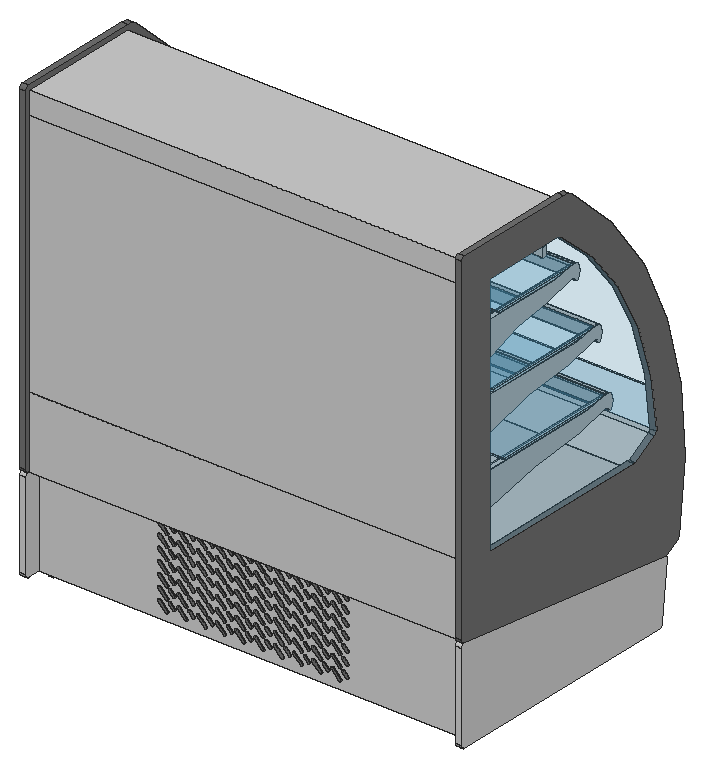
Revit family "QF_INFRICO_VBR12SS_250814022446", category Specialty Equipment, Revit 2021
Family settings
  Round Connector Dimension = Use Diameter
  Part Type = Normal
  OmniClass Number = 23.40.40.14
  OmniClass Title = Food Service Equipment
  Work Plane-Based = No
  Always vertical = Yes
  Cut with Voids When Loaded = No
  Shared = No
  Room Calculation Point = No
Parameters (values of type "VBR12SS")
  Weight [instance] = 0.00 kg
  Warranty Start Date [instance] = ""
  Warranty Duration [instance] = ""
  Volts [instance] = 230 V
  Volt Free Conn [instance] = no
  URL Recommended Spares List [instance] = ""
  URL Manufacturer [instance] = ""
  URL Cutsheet [instance] = ""
  URL Critical Spares List [instance] = ""
  URL = "www.infrico.com"
  Technical Documentation [instance] = ""
  Tag Number [instance] = ""
  Status [instance] = ""
  Start Up Current [instance] = 0 A
  Specification by User [instance] = ""
  Specification by Manufacturer [instance] = ""
  Sound Level [instance] = ""
  Show Logo [instance] = yes
  Show Clearances [instance] = yes
  Service Life Duration [instance] = ""
  Serial Number [instance] = ""
  Seismic Rating [instance] = ""
  SMACNA No [instance] = ""
  Revision Code [instance] = ""
  Revision [instance] = ""
  Production Year [instance] = ""
  Potential Equalisation [instance] = no
  Point Load [instance] = 0
  Phase [instance] = 1
  Other Equipment Approvals [instance] = ""
  Operational Current [instance] = 0 A
  Number of Poles [instance] = 2
  No Load Power Draw [instance] = no
  NAFEM Spec ID Number [instance] = ""
  Model Warning [instance] = ""
  Model = "VBR12SS"
  Min Ckt Ampacity [instance] = 0 A
  Max Overcurrent Protection [instance] = 0 A
  Masterspec [instance] = ""
  Manufacturer = "INFRICO"
  Main switch integrated [instance] = no
  Length Actual [instance] = 1249.934 mm
  Item Number [instance] = ""
  Installed By [instance] = ""
  Installation Date [instance] = ""
  Identify Quantity as Lot [instance] = no
  ID [instance] = ""
  Hygiene Approval [instance] = ""
  Height Actual [instance] = 1299.972 mm
  HP power [instance] = ""
  Furnished By [instance] = ""
  Foodservice Equipment Identifier [instance] = no
  FL Amps [instance] = 0 A
  Electrical Remarks [instance] = ""
  Electric power [instance] = 1060 W
  Electric Connection Type [instance] = ""
  Elec Conn RI Height [instance] = 0 mm
  Elec Conn Connection Height [instance] = 0 mm
  ETL Approved [instance] = no
  Description = "AMBAR SERIES - SELF SERVICE PASTRY DISPLAY CASE - R452"
  Depth Actual [instance] = 810.006 mm
  Default Elevation = 0 mm
  Cycle [instance] = 50 Hz
  Cost = 0
  Connection to energy optimisation system [instance] = yes
  Conn Plug [instance] = ""
  Conn Conduit [instance] = no
  Centralized building control system with digital interface [instance] = ""
  CSI MasterFormat [instance] = ""
  CE Approved [instance] = no
  Barcode [instance] = 0
  Author [instance] = ""
  Asset Identifier [instance] = ""
  Apparent Power [instance] = 1060 VA
  Accessory [instance] = no
Reference planes
  plane 1 "Center (Front/Back)": y = 0
  plane 2: z = 0
  plane 3 "Center (Left/Right)": x = 0
Forms (mm)
  Extrusion 1, solid, not visible
    sketch origin (0, 0, 2) x (1, 0, 0) y (0, 1, 0)
      loop
        line (-2, 2) -> (-2, -2) -> (2, -2) -> (2, 2) -> (-2, 2)
    from -2 to 2
Dimensions and locks
  locked: nested 2 to Extrusion 1 at 2  (x2)
  aligned and locked: level to plane 2
Nested families
  nested 1: "QF_INFRICO_VBR12SS_2920" at (0, 0, 0), type "VBR12SS"
    with Weight 0.00 kg, Warranty Start Date "", Warranty Duration "", URL Cutsheet "", Technical Documentation "", Tag Number "", Status "", Specification by User "", Specification by Manufacturer "", Sound Level "", Solid Fuel Type "", Show Logo yes, Show Clearances yes, Show Clearance yes, Service Life Duration "", Serial Number "", Seismic Rating "", SMACNA No "", Revision Code "", Revision "", Production Year "", Point Load 0, Other Equipment Approvals "", NAFEM Spec ID Number "", Model Warning "", Masterspec "", Length Actual 1249.934 mm, Item Number "", Installed By "", Installation Date "", Identify Quantity as Lot yes, ID "", Hygiene Approval "", Height Actual 1299.972 mm, Furnished By "", Foodservice Equipment Identifier yes, Finish none, ETL Approved yes, Depth Actual 810.006 mm, CSI MasterFormat "", CE Approved no, Barcode "", Author "", Asset Identifier "", Accessory no
  nested 2: "CONN_POINT_ELE_2D___Generic_Annotation" at (0, 0, 0), type "CONN_POINT_ELE_2D___Generic_Annotation"
    with Onboard connection annotation symbol visibility yes
Connectors
  electrical at (0, 0, 0), driven by "Apparent Power", driven by "Number of Poles", driven by "Volts"
    settings: on Extrusion 1, index 1, voltage 230 V, apparent load 0 VA, apparent load phase1 1060 VA, apparent load phase2 0 VA, apparent load phase3 0 VA, power factor 1, load classification "Other", number of poles 2, system type 31, power factor state 1, is connector primary yes, connector utility no, sub classification motor no, connector description "Electrical connection for VBR12SS"
Definition of nested family "QF_INFRICO_VBR12SS_2920"
  Parameters (values of type "VBR12SS")
    Weight [instance] = 0.00 kg
    Warranty Start Date [instance] = ""
    Warranty Duration [instance] = ""
    URL Cutsheet [instance] = ""
    URL = "www.infrico.com"
    Technical Documentation [instance] = ""
    Tag Number [instance] = ""
    Status [instance] = ""
    Specification by User [instance] = ""
    Specification by Manufacturer [instance] = ""
    Sound Level [instance] = ""
    Solid Fuel Type [instance] = ""
    Show Logo [instance] = yes
    Show Clearances [instance] = yes
    Show Clearance [instance] = yes
    Service Life Duration [instance] = ""
    Serial Number [instance] = ""
    Seismic Rating [instance] = ""
    SMACNA No [instance] = ""
    Revision Code [instance] = ""
    Revision [instance] = ""
    Production Year [instance] = ""
    Point Load [instance] = 0
    Other Equipment Approvals [instance] = ""
    NAFEM Spec ID Number [instance] = ""
    Model Warning [instance] = ""
    Model = "VBR12SS"
    Masterspec [instance] = ""
    Manufacturer = "INFRICO"
    Length Actual [instance] = 0 mm
    Item Number [instance] = ""
    Installed By [instance] = ""
    Installation Date [instance] = ""
    Identify Quantity as Lot [instance] = yes
    ID [instance] = ""
    Hygiene Approval [instance] = ""
    Height Actual [instance] = 0 mm
    Furnished By [instance] = ""
    Foodservice Equipment Identifier [instance] = yes
    Finish [instance] = none
    ETL Approved [instance] = yes
    Description = "AMBAR SERIES - SELF SERVICE PASTRY DISPLAY CASE - R452"
    Depth Actual [instance] = 0 mm
    Default Elevation = 0 mm
    CSI MasterFormat [instance] = ""
    CE Approved [instance] = yes
    Barcode [instance] = ""
    Author [instance] = ""
    Asset Identifier [instance] = ""
    Assembly Code = "E1090320"
    Accessory [instance] = yes
  Reference planes
    plane 1 "Back": y = 0
    plane 2: z = 0
    plane 3 "Left": x = 0
    plane 4 "Right": x = 1250
    plane 5 "Front": y = -810
    plane 6 "Top": z = 1300
  Forms (mm)
    Extrusion 1, solid
      sketch origin (-18, -810.003, 0) x (0, -1, 0) y (0, 0, -1)
        loop
          line (-100, -1190) -> (-100, -498)
          arc (-100, -498) -> (-102.929, -490.929) -> (-110, -488) r 10
          line (-110, -488) -> (-627, -488)
          arc (-627, -488) -> (-629.55, -488.252) -> (-632, -489) r 13
          line (-632, -489) -> (-702, -529)
          arc (-702, -529) -> (-705.756, -532.802) -> (-707, -538) r 9.937
          arc (-707, -538) -> (-606.573, -907.925) -> (-356, -1198) r 864.001
          arc (-356, -1198) -> (-353.158, -1199.473) -> (-350, -1200) r 10.273
          line (-350, -1200) -> (-110, -1200)
          arc (-110, -1200) -> (-102.929, -1197.071) -> (-100, -1190) r 10
      from 0 to 18
    Extrusion 2, solid
      sketch origin (-18, -810.003, 0) x (0, -1, 0) y (0, 0, -1)
        loop
          arc (-110, -1200) -> (-102.929, -1197.071) -> (-100, -1190) r 10
          line (-100, -1190) -> (-100, -498)
          arc (-100, -498) -> (-102.929, -490.929) -> (-110, -488) r 10
          line (-110, -488) -> (-627, -488)
          arc (-627, -488) -> (-629.55, -488.252) -> (-632, -489) r 13
          line (-632, -489) -> (-702, -529)
          arc (-702, -529) -> (-705.756, -532.802) -> (-707, -538) r 9.937
          arc (-707, -538) -> (-606.573, -907.925) -> (-356, -1198) r 864.001
          arc (-356, -1198) -> (-353.158, -1199.473) -> (-350, -1200) r 10.273
          line (-350, -1200) -> (-110, -1200)
        loop
          arc (-739, -197) -> (-742.074, -197.055) -> (-745, -198) r 10.476
          line (-745, -198) -> (-782, -219)
          arc (-782, -219) -> (-785.127, -222.608) -> (-787, -227) r 15.422
          arc (-787, -227) -> (-745, -815.202) -> (-398, -1292) r 1070.947
          arc (-398, -1292) -> (-385.08, -1297.958) -> (-371, -1300) r 49.563
          line (-371, -1300) -> (-10, -1300)
          arc (-10, -1300) -> (-2.929, -1297.071) -> (0, -1290) r 10
          line (0, -1290) -> (0, -302)
          arc (0, -302) -> (-2.651, -295.335) -> (-9, -292) r 10.337
          line (-9, -292) -> (-739, -197)
      from 0 to 18
    Extrusion 3, solid
      sketch origin (1250, -810.003, 0) x (0, -1, 0) y (0, 0, -1)
        loop
          line (-100, -1190) -> (-100, -498)
          arc (-100, -498) -> (-102.929, -490.929) -> (-110, -488) r 10
          line (-110, -488) -> (-627, -488)
          arc (-627, -488) -> (-629.55, -488.252) -> (-632, -489) r 13
          line (-632, -489) -> (-702, -529)
          arc (-702, -529) -> (-705.756, -532.802) -> (-707, -538) r 9.937
          arc (-707, -538) -> (-606.573, -907.925) -> (-356, -1198) r 864.001
          arc (-356, -1198) -> (-353.158, -1199.473) -> (-350, -1200) r 10.273
          line (-350, -1200) -> (-110, -1200)
          arc (-110, -1200) -> (-102.929, -1197.071) -> (-100, -1190) r 10
      from 0 to 18
    Extrusion 4, solid
      sketch origin (1250, -810.003, 0) x (0, -1, 0) y (0, 0, -1)
        loop
          arc (-110, -1200) -> (-102.929, -1197.071) -> (-100, -1190) r 10
          line (-100, -1190) -> (-100, -498)
          arc (-100, -498) -> (-102.929, -490.929) -> (-110, -488) r 10
          line (-110, -488) -> (-627, -488)
          arc (-627, -488) -> (-629.55, -488.252) -> (-632, -489) r 13
          line (-632, -489) -> (-702, -529)
          arc (-702, -529) -> (-705.756, -532.802) -> (-707, -538) r 9.937
          arc (-707, -538) -> (-606.573, -907.925) -> (-356, -1198) r 864.001
          arc (-356, -1198) -> (-353.158, -1199.473) -> (-350, -1200) r 10.273
          line (-350, -1200) -> (-110, -1200)
        loop
          arc (-739, -197) -> (-742.074, -197.055) -> (-745, -198) r 10.476
          line (-745, -198) -> (-782, -219)
          arc (-782, -219) -> (-785.127, -222.608) -> (-787, -227) r 15.422
          arc (-787, -227) -> (-745, -815.202) -> (-398, -1292) r 1070.947
          arc (-398, -1292) -> (-385.08, -1297.958) -> (-371, -1300) r 49.563
          line (-371, -1300) -> (-10, -1300)
          arc (-10, -1300) -> (-2.929, -1297.071) -> (0, -1290) r 10
          line (0, -1290) -> (0, -302)
          arc (0, -302) -> (-2.651, -295.335) -> (-9, -292) r 10.337
          line (-9, -292) -> (-739, -197)
      from 0 to 18
    Extrusion 5, solid, material <- "Finish"
      sketch origin (0, -810.003, -1) x (0, -1, 0) y (0, 0, -1)
        loop
          line (-739, -198) -> (-9, -293)
          arc (-9, -293) -> (-2.391, -289.898) -> (0, -283) r 9.392
          line (0, -283) -> (0, -29)
          arc (0, -29) -> (-2.929, -21.929) -> (-10, -19) r 10
          line (-10, -19) -> (-718, -19)
          arc (-718, -19) -> (-725.332, -22.2) -> (-727.972, -29.752) r 10
          line (-727.972, -29.752) -> (-746, -188)
          arc (-746, -188) -> (-744.394, -194.326) -> (-739, -198) r 9.212
      from -18 to 0
    Extrusion 6, solid, material <- "Finish"
      sketch origin (1268, -810.003, -1) x (0, -1, 0) y (0, 0, -1)
        loop
          line (-739, -198) -> (-9, -293)
          arc (-9, -293) -> (-2.391, -289.898) -> (0, -283) r 9.392
          line (0, -283) -> (0, -29)
          arc (0, -29) -> (-2.929, -21.929) -> (-10, -19) r 10
          line (-10, -19) -> (-718, -19)
          arc (-718, -19) -> (-725.332, -22.2) -> (-727.972, -29.752) r 10
          line (-727.972, -29.752) -> (-746, -188)
          arc (-746, -188) -> (-744.394, -194.326) -> (-739, -198) r 9.212
      from -18 to 0
    Extrusion 7, solid
      sketch origin (0, -750.003, 9) x (1, 0, 0) y (0, 1, 0)
        loop
          line (0, -0.02) -> (40, -0.02) -> (40, 39.98) -> (0, 39.98) -> (0, -0.02)
      from 0 to 9
    Extrusion 8, solid
      sketch origin (0, -170.003, 9) x (1, 0, 0) y (0, 1, 0)
        loop
          line (0, -0.02) -> (40, -0.02) -> (40, 39.98) -> (0, 39.98) -> (0, -0.02)
      from 0 to 9
    Extrusion 9, solid
      sketch origin (-898.549, 112.977, 0) x (-1, 0, 0) y (0, -1, 0)
        loop
          line (-903.549, 843) -> (-911.049, 855.99) -> (-926.049, 855.99) -> (-933.549, 843) -> (-926.049, 830.01) -> (-911.049, 830.01) -> (-903.549, 843)
      from 0 to 9
    Extrusion 10, solid
      sketch origin (-898.549, 692.977, 0) x (-1, 0, 0) y (0, -1, 0)
        loop
          line (-903.549, 843) -> (-911.049, 855.99) -> (-926.049, 855.99) -> (-933.549, 843) -> (-926.049, 830.01) -> (-911.049, 830.01) -> (-903.549, 843)
      from 0 to 9
    Extrusion 11, solid
      sketch origin (1210, -750.003, 9) x (1, 0, 0) y (0, 1, 0)
        loop
          line (0, -0.02) -> (40, -0.02) -> (40, 39.98) -> (0, 39.98) -> (0, -0.02)
      from 0 to 9
    Extrusion 12, solid
      sketch origin (1210, -170.003, 9) x (1, 0, 0) y (0, 1, 0)
        loop
          line (0, -0.02) -> (40, -0.02) -> (40, 39.98) -> (0, 39.98) -> (0, -0.02)
      from 0 to 9
    Extrusion 13, solid
      sketch origin (311.451, 112.977, 0) x (-1, 0, 0) y (0, -1, 0)
        loop
          line (-903.549, 843) -> (-911.049, 855.99) -> (-926.049, 855.99) -> (-933.549, 843) -> (-926.049, 830.01) -> (-911.049, 830.01) -> (-903.549, 843)
      from 0 to 9
    Extrusion 14, solid
      sketch origin (311.451, 692.977, 0) x (-1, 0, 0) y (0, -1, 0)
        loop
          line (-903.549, 843) -> (-911.049, 855.99) -> (-926.049, 855.99) -> (-933.549, 843) -> (-926.049, 830.01) -> (-911.049, 830.01) -> (-903.549, 843)
      from 0 to 9
    Extrusion 15, solid
      sketch origin (0, -810.003, 0) x (0, -1, 0) y (0, 0, -1)
        loop
          line (-59.98, -18) -> (-679.98, -18) -> (-679.98, -293) -> (-59.98, -293) -> (-59.98, -18)
      from 0 to 40
    Extrusion 16, solid
      sketch origin (1210, -810.003, 0) x (0, -1, 0) y (0, 0, -1)
        loop
          line (-59.98, -18) -> (-679.98, -18) -> (-679.98, -293) -> (-59.98, -293) -> (-59.98, -18)
      from 0 to 40
    Extrusion 17, solid
      sketch origin (0, -810.003, 0) x (0, -1, 0) y (0, 0, -1)
        loop
          line (-59.98, -18) -> (-59.98, -293) -> (-44.98, -293) -> (-44.98, -18) -> (-59.98, -18)
      from 0 to 1250
    Extrusion 18, solid
      sketch origin (0, -810.003, 0) x (0, -1, 0) y (0, 0, -1)
        loop
          line (-679.98, -278) -> (-679.98, -38) -> (-719.98, -38) -> (-719.98, -278) -> (-679.98, -278)
      from 0 to 40
    Extrusion 19, solid
      sketch origin (1210, -810.003, 0) x (0, -1, 0) y (0, 0, -1)
        loop
          line (-679.98, -278) -> (-679.98, -38) -> (-719.98, -38) -> (-719.98, -278) -> (-679.98, -278)
      from 0 to 40
    Extrusion 20, solid
      sketch origin (0, -810.003, 0) x (0, -1, 0) y (0, 0, -1)
        loop
          line (-9.98, -293) -> (-759.98, -293) -> (-759.98, -471) -> (-747.98, -471) -> (-747.98, -448) -> (-70.98, -448) -> (-70.98, -502) -> (-9.98, -502) -> (-9.98, -293)
      from 0 to 1250
    Extrusion 21, solid
      sketch origin (0, -810.003, 0) x (0, -1, 0) y (0, 0, -1)
        loop
          line (-747.98, -471) -> (-741.98, -471) -> (-741.98, -515) -> (-719.98, -515) -> (-628.98, -468) -> (-628.98, -448) -> (-630.98, -448) -> (-630.98, -466.782) -> (-720.466, -513) -> (-739.98, -513) -> (-739.98, -469) -> (-747.98, -469) -> (-747.98, -471)
      from 0 to 1250
    Extrusion 22, solid
      sketch origin (0, -810.003, 0) x (0, -1, 0) y (0, 0, -1)
        loop
          line (-626.98, -448) -> (-626.98, -469) -> (-121.98, -469) -> (-121.98, -448) -> (-626.98, -448)
      from 0 to 1250
    Extrusion 23, solid
      sketch origin (0, -810.003, 0) x (0, -1, 0) y (0, 0, -1)
        loop
          line (-110.98, -448) -> (-110.98, -1222) -> (-70.98, -1222) -> (-70.98, -448) -> (-110.98, -448)
      from 0 to 50
    Extrusion 24, solid
      sketch origin (1200, -810.003, 0) x (0, -1, 0) y (0, 0, -1)
        loop
          line (-110.98, -448) -> (-110.98, -1222) -> (-70.98, -1222) -> (-70.98, -448) -> (-110.98, -448)
      from 0 to 50
    Extrusion 25, solid
      sketch origin (1172, -810.003, 0) x (0, -1, 0) y (0, 0, -1)
        loop
          line (-9.98, -502) -> (-70.98, -502) -> (-70.98, -1222) -> (-9.98, -1222) -> (-9.98, -502)
      from -1172 to 78
    Extrusion 26, solid
      sketch origin (0, -810.003, 0) x (0, -1, 0) y (0, 0, -1)
        loop
          line (-9.98, -1288) -> (-9.98, -1222) -> (-288.98, -1222) -> (-288.98, -1276) -> (-353.98, -1276) -> (-353.98, -1260.029) -> (-372.98, -1241.029) -> (-372.98, -1229) -> (-354.98, -1229) -> (-354.98, -1217) -> (-384.98, -1217) -> (-384.98, -1246) -> (-365.98, -1265) -> (-365.98, -1288) -> (-9.98, -1288)
      from 0 to 1250
    Extrusion 27, solid
      sketch origin (0, -810.003, 0) x (0, -1, 0) y (0, 0, -1)
        loop
          line (-741.98, -471) -> (-747.98, -471) -> (-747.98, -621) -> (-741.98, -621) -> (-741.98, -471)
      from 0 to 1250
    Extrusion 28, solid
      sketch origin (-510, -1507.887, 385.642) x (0, -0.939923, 0.341387) y (0, -0.341387, -0.939923)
        loop
          line (-1441.281, -155.749) -> (-1438.55, -163.269) -> (-1412.756, -181.562) -> (-1410.024, -189.081) -> (-1408.109, -188.385) -> (-1411.111, -180.118) -> (-1436.703, -162.496) -> (-1439.401, -155.067) -> (-1441.281, -155.749)
        loop
          line (-1423.188, -205.565) -> (-1420.457, -213.085) -> (-1394.662, -231.378) -> (-1391.931, -238.897) -> (-1390.015, -238.201) -> (-1393.018, -229.934) -> (-1418.61, -212.312) -> (-1421.308, -204.883) -> (-1423.188, -205.565)
      from 550 to 1720
    Extrusion 29, solid
      sketch origin (3, -810.003, 87) x (0, -1, 0) y (0, 0, -1)
        loop
          line (-110.98, -498) -> (-126.98, -498)
          arc (-126.98, -498) -> (-289.514, -532.928) -> (-454.98, -549) r 1448.355
          line (-454.98, -549) -> (-547.98, -574)
          arc (-547.98, -574) -> (-550.743, -573.659) -> (-552.98, -572) r 5.461
          line (-552.98, -572) -> (-560.98, -562)
          arc (-560.98, -562) -> (-563.98, -560.5) -> (-566.98, -562) r 3.75
          arc (-566.98, -562) -> (-573.98, -583) -> (-566.98, -604) r 35
          arc (-566.98, -604) -> (-565.216, -605.472) -> (-562.98, -606) r 5
          line (-562.98, -606) -> (-544.98, -606) -> (-487.98, -595) -> (-110.98, -595) -> (-110.98, -498)
      from 0 to 2
    Extrusion 30, solid
      sketch origin (3, -810.003, 283) x (0, -1, 0) y (0, 0, -1)
        loop
          line (-110.98, -498) -> (-126.98, -498)
          arc (-126.98, -498) -> (-269.288, -533.055) -> (-414.98, -549) r 1106.867
          line (-414.98, -549) -> (-507.98, -574)
          arc (-507.98, -574) -> (-510.743, -573.659) -> (-512.98, -572) r 5.461
          line (-512.98, -572) -> (-520.98, -562)
          arc (-520.98, -562) -> (-523.98, -560.5) -> (-526.98, -562) r 3.75
          arc (-526.98, -562) -> (-533.98, -583) -> (-526.98, -604) r 35
          arc (-526.98, -604) -> (-525.216, -605.472) -> (-522.98, -606) r 5
          line (-522.98, -606) -> (-504.98, -606) -> (-447.98, -595) -> (-110.98, -595) -> (-110.98, -498)
      from 0 to 2
    Extrusion 31, solid
      sketch origin (3, -810.003, 479) x (0, -1, 0) y (0, 0, -1)
        loop
          line (-110.98, -498) -> (-126.98, -498)
          arc (-126.98, -498) -> (-228.381, -534.099) -> (-334.98, -549) r 530.828
          line (-334.98, -549) -> (-427.98, -574)
          arc (-427.98, -574) -> (-430.743, -573.659) -> (-432.98, -572) r 5.461
          line (-432.98, -572) -> (-440.98, -562)
          arc (-440.98, -562) -> (-443.98, -560.5) -> (-446.98, -562) r 3.75
          arc (-446.98, -562) -> (-453.98, -583) -> (-446.98, -604) r 35
          arc (-446.98, -604) -> (-445.216, -605.472) -> (-442.98, -606) r 5
          line (-442.98, -606) -> (-424.98, -606) -> (-367.98, -595) -> (-110.98, -595) -> (-110.98, -498)
      from 0 to 2
    Extrusion 32, solid
      sketch origin (0, -810.003, 0) x (0, -1, 0) y (0, 0, -1)
        loop
          line (-183.98, -682) -> (-558.98, -682) -> (-558.98, -688) -> (-183.98, -688) -> (-183.98, -682)
      from 5 to 1245
    Extrusion 33, solid
      sketch origin (0, -850.003, 196) x (0, -1, 0) y (0, 0, -1)
        loop
          line (-183.98, -682) -> (-558.98, -682) -> (-558.98, -688) -> (-183.98, -688) -> (-183.98, -682)
      from 5 to 1245
    Extrusion 34, solid
      sketch origin (0, -830.003, 392) x (0, -1, 0) y (0, 0, -1)
        loop
          line (-183.98, -682) -> (-458.98, -682) -> (-458.98, -688) -> (-183.98, -688) -> (-183.98, -682)
      from 5 to 1245
    Extrusion 35, solid
      sketch origin (0, -810.003, 0) x (0, -1, 0) y (0, 0, -1)
        loop
          arc (-566.98, -691) -> (-565.216, -692.472) -> (-562.98, -693) r 5
          arc (-562.98, -693) -> (-561.498, -690.693) -> (-560.98, -688) r 7.25
          line (-560.98, -688) -> (-560.98, -649)
          arc (-560.98, -649) -> (-563.98, -647.5) -> (-566.98, -649) r 3.75
          arc (-566.98, -649) -> (-573.98, -670) -> (-566.98, -691) r 35
      from 5 to 1245
    Extrusion 36, solid
      sketch origin (0, -850.003, 196) x (0, -1, 0) y (0, 0, -1)
        loop
          arc (-566.98, -691) -> (-565.216, -692.472) -> (-562.98, -693) r 5
          arc (-562.98, -693) -> (-561.498, -690.693) -> (-560.98, -688) r 7.25
          line (-560.98, -688) -> (-560.98, -649)
          arc (-560.98, -649) -> (-563.98, -647.5) -> (-566.98, -649) r 3.75
          arc (-566.98, -649) -> (-573.98, -670) -> (-566.98, -691) r 35
      from 5 to 1245
    Extrusion 37, solid
      sketch origin (0, -930.003, 392) x (0, -1, 0) y (0, 0, -1)
        loop
          arc (-566.98, -691) -> (-565.216, -692.472) -> (-562.98, -693) r 5
          arc (-562.98, -693) -> (-561.498, -690.693) -> (-560.98, -688) r 7.25
          line (-560.98, -688) -> (-560.98, -649)
          arc (-560.98, -649) -> (-563.98, -647.5) -> (-566.98, -649) r 3.75
          arc (-566.98, -649) -> (-573.98, -670) -> (-566.98, -691) r 35
      from 5 to 1245
    Extrusion 38, solid
      sketch origin (21, -810.003, 479) x (0, -1, 0) y (0, 0, -1)
        loop
          line (-110.98, -498) -> (-126.98, -498)
          arc (-126.98, -498) -> (-228.381, -534.099) -> (-334.98, -549) r 530.828
          line (-334.98, -549) -> (-427.98, -574)
          arc (-427.98, -574) -> (-430.743, -573.659) -> (-432.98, -572) r 5.461
          line (-432.98, -572) -> (-440.98, -562) -> (-440.98, -595) -> (-110.98, -595) -> (-110.98, -498)
      from 0 to 2
    Extrusion 39, solid
      sketch origin (0, -810.003, 0) x (0, -1, 0) y (0, 0, -1)
        loop
          line (-110.98, -1074) -> (-110.98, -1072) -> (-440.98, -1072) -> (-440.98, -1074) -> (-110.98, -1074)
      from 5 to 21
    Extrusion 40, solid
      sketch origin (21, -810.003, 283) x (0, -1, 0) y (0, 0, -1)
        loop
          line (-110.98, -498) -> (-126.98, -498)
          arc (-126.98, -498) -> (-269.288, -533.055) -> (-414.98, -549) r 1106.867
          line (-414.98, -549) -> (-507.98, -574)
          arc (-507.98, -574) -> (-510.743, -573.659) -> (-512.98, -572) r 5.461
          line (-512.98, -572) -> (-520.98, -562) -> (-520.98, -595) -> (-110.98, -595) -> (-110.98, -498)
      from 0 to 2
    Extrusion 41, solid
      sketch origin (0, -810.003, -196) x (0, -1, 0) y (0, 0, -1)
        loop
          line (-110.98, -1074) -> (-110.98, -1072) -> (-520.98, -1072) -> (-520.98, -1074) -> (-110.98, -1074)
      from 5 to 21
    Extrusion 42, solid
      sketch origin (21, -810.003, 87) x (0, -1, 0) y (0, 0, -1)
        loop
          line (-110.98, -498) -> (-126.98, -498)
          arc (-126.98, -498) -> (-289.514, -532.928) -> (-454.98, -549) r 1448.355
          line (-454.98, -549) -> (-547.98, -574)
          arc (-547.98, -574) -> (-550.743, -573.659) -> (-552.98, -572) r 5.461
          line (-552.98, -572) -> (-560.98, -562) -> (-560.98, -595) -> (-110.98, -595) -> (-110.98, -498)
      from 0 to 2
    Extrusion 43, solid
      sketch origin (0, -810.003, -392) x (0, -1, 0) y (0, 0, -1)
        loop
          line (-110.98, -1074) -> (-110.98, -1072) -> (-560.98, -1072) -> (-560.98, -1074) -> (-110.98, -1074)
      from 5 to 21
    Extrusion 44, solid
      sketch origin (1247, -810.003, 87) x (0, -1, 0) y (0, 0, 1)
        loop
          line (-110.98, 498) -> (-110.98, 595) -> (-487.98, 595) -> (-544.98, 606) -> (-562.98, 606)
          arc (-562.98, 606) -> (-565.216, 605.472) -> (-566.98, 604) r 5
          arc (-566.98, 604) -> (-573.98, 583) -> (-566.98, 562) r 35
          arc (-566.98, 562) -> (-563.98, 560.5) -> (-560.98, 562) r 3.75
          line (-560.98, 562) -> (-552.98, 572)
          arc (-552.98, 572) -> (-550.743, 573.659) -> (-547.98, 574) r 5.461
          line (-547.98, 574) -> (-454.98, 549)
          arc (-454.98, 549) -> (-289.514, 532.928) -> (-126.98, 498) r 1448.355
          line (-126.98, 498) -> (-110.98, 498)
      from 0 to 2
    Extrusion 45, solid
      sketch origin (1247, -810.003, 283) x (0, -1, 0) y (0, 0, 1)
        loop
          line (-110.98, 498) -> (-110.98, 595) -> (-447.98, 595) -> (-504.98, 606) -> (-522.98, 606)
          arc (-522.98, 606) -> (-525.216, 605.472) -> (-526.98, 604) r 5
          arc (-526.98, 604) -> (-533.98, 583) -> (-526.98, 562) r 35
          arc (-526.98, 562) -> (-523.98, 560.5) -> (-520.98, 562) r 3.75
          line (-520.98, 562) -> (-512.98, 572)
          arc (-512.98, 572) -> (-510.743, 573.659) -> (-507.98, 574) r 5.461
          line (-507.98, 574) -> (-414.98, 549)
          arc (-414.98, 549) -> (-269.288, 533.055) -> (-126.98, 498) r 1106.867
          line (-126.98, 498) -> (-110.98, 498)
      from 0 to 2
    Extrusion 46, solid
      sketch origin (1247, -810.003, 479) x (0, -1, 0) y (0, 0, 1)
        loop
          line (-110.98, 498) -> (-110.98, 595) -> (-367.98, 595) -> (-424.98, 606) -> (-442.98, 606)
          arc (-442.98, 606) -> (-445.216, 605.472) -> (-446.98, 604) r 5
          arc (-446.98, 604) -> (-453.98, 583) -> (-446.98, 562) r 35
          arc (-446.98, 562) -> (-443.98, 560.5) -> (-440.98, 562) r 3.75
          line (-440.98, 562) -> (-432.98, 572)
          arc (-432.98, 572) -> (-430.743, 573.659) -> (-427.98, 574) r 5.461
          line (-427.98, 574) -> (-334.98, 549)
          arc (-334.98, 549) -> (-228.381, 534.099) -> (-126.98, 498) r 530.828
          line (-126.98, 498) -> (-110.98, 498)
      from 0 to 2
    Extrusion 47, solid
      sketch origin (1229, -810.003, 479) x (0, -1, 0) y (0, 0, 1)
        loop
          line (-110.98, 498) -> (-110.98, 595) -> (-440.98, 595) -> (-440.98, 562) -> (-432.98, 572)
          arc (-432.98, 572) -> (-430.743, 573.659) -> (-427.98, 574) r 5.461
          line (-427.98, 574) -> (-334.98, 549)
          arc (-334.98, 549) -> (-228.381, 534.099) -> (-126.98, 498) r 530.828
          line (-126.98, 498) -> (-110.98, 498)
      from 0 to 2
    Extrusion 48, solid
      sketch origin (1250, -810.003, 0) x (0, -1, 0) y (0, 0, 1)
        loop
          line (-110.98, 1074) -> (-440.98, 1074) -> (-440.98, 1072) -> (-110.98, 1072) -> (-110.98, 1074)
      from 5 to 21
    Extrusion 49, solid
      sketch origin (1229, -810.003, 283) x (0, -1, 0) y (0, 0, 1)
        loop
          line (-110.98, 498) -> (-110.98, 595) -> (-520.98, 595) -> (-520.98, 562) -> (-512.98, 572)
          arc (-512.98, 572) -> (-510.743, 573.659) -> (-507.98, 574) r 5.461
          line (-507.98, 574) -> (-414.98, 549)
          arc (-414.98, 549) -> (-269.288, 533.055) -> (-126.98, 498) r 1106.867
          line (-126.98, 498) -> (-110.98, 498)
      from 0 to 2
    Extrusion 50, solid
      sketch origin (1250, -810.003, -196) x (0, -1, 0) y (0, 0, 1)
        loop
          line (-110.98, 1074) -> (-520.98, 1074) -> (-520.98, 1072) -> (-110.98, 1072) -> (-110.98, 1074)
      from 5 to 21
    Extrusion 51, solid
      sketch origin (1229, -810.003, 87) x (0, -1, 0) y (0, 0, 1)
        loop
          line (-110.98, 498) -> (-110.98, 595) -> (-560.98, 595) -> (-560.98, 562) -> (-552.98, 572)
          arc (-552.98, 572) -> (-550.743, 573.659) -> (-547.98, 574) r 5.461
          line (-547.98, 574) -> (-454.98, 549)
          arc (-454.98, 549) -> (-289.514, 532.928) -> (-126.98, 498) r 1448.355
          line (-126.98, 498) -> (-110.98, 498)
      from 0 to 2
    Extrusion 52, solid
      sketch origin (1250, -810.003, -392) x (0, -1, 0) y (0, 0, 1)
        loop
          line (-110.98, 1074) -> (-560.98, 1074) -> (-560.98, 1072) -> (-110.98, 1072) -> (-110.98, 1074)
      from 5 to 21
    Extrusion 53, solid
      sketch origin (0, -810.003, 0) x (0, -1, 0) y (0, 0, -1)
        loop
          line (-59.98, -18) -> (-99.98, -18) -> (-99.98, -38) -> (-59.98, -38) -> (-59.98, -18)
      from 40 to 1210
    Extrusion 54, solid
      sketch origin (0, -230.003, 0) x (0, -1, 0) y (0, 0, -1)
        loop
          line (-59.98, -18) -> (-99.98, -18) -> (-99.98, -38) -> (-59.98, -38) -> (-59.98, -18)
      from 40 to 1210
    Extrusion 55, solid, material <- "Finish"
      sketch origin (0, -810.003, 0) x (0, -1, 0) y (0, 0, -1)
        loop
          line (-769.98, -438) -> (-759.945, -218.229) -> (-778.925, -217.362) -> (-788.96, -437.133) -> (-769.98, -438)
      from 0 to 1250
    Extrusion 56, solid
      sketch origin (0, -810.003, 0) x (0, -1, 0) y (0, 0, -1)
        loop
          line (-747.98, -471) -> (-759.98, -471) -> (-789.173, -441.806) -> (-788.489, -426.822) -> (-790.487, -426.731) -> (-791.212, -442.597) -> (-760.808, -473) -> (-747.98, -473) -> (-747.98, -471)
      from 0 to 1250
    Extrusion 57, solid
      sketch origin (1643.376, -765.123, -1.698) x (-1, 0, 0) y (0, 0, 1)
        loop
          line (1272.976, 42.364) -> (1294.896, 64.284)
          arc (1294.896, 64.284) -> (1294.896, 70.648) -> (1288.532, 70.648) r 4.5
          line (1288.532, 70.648) -> (1266.612, 48.728)
          arc (1266.612, 48.728) -> (1266.612, 42.364) -> (1272.976, 42.364) r 4.5
        loop
          line (1252.219, 55.335) -> (1263.532, 66.648)
          arc (1263.532, 66.648) -> (1263.532, 73.012) -> (1257.168, 73.012) r 4.5
          line (1257.168, 73.012) -> (1245.855, 61.698)
          arc (1245.855, 61.698) -> (1245.855, 55.335) -> (1252.219, 55.335) r 4.5
        loop
          line (1272.976, 76.364) -> (1294.896, 98.284)
          arc (1294.896, 98.284) -> (1294.896, 104.648) -> (1288.532, 104.648) r 4.5
          line (1288.532, 104.648) -> (1266.612, 82.728)
          arc (1266.612, 82.728) -> (1266.612, 76.364) -> (1272.976, 76.364) r 4.5
        loop
          line (1252.219, 89.335) -> (1263.532, 100.648)
          arc (1263.532, 100.648) -> (1263.532, 107.012) -> (1257.168, 107.012) r 4.5
          line (1257.168, 107.012) -> (1245.855, 95.698)
          arc (1245.855, 95.698) -> (1245.855, 89.335) -> (1252.219, 89.335) r 4.5
        loop
          line (1272.976, 110.364) -> (1294.896, 132.284)
          arc (1294.896, 132.284) -> (1294.896, 138.648) -> (1288.532, 138.648) r 4.5
          line (1288.532, 138.648) -> (1266.612, 116.728)
          arc (1266.612, 116.728) -> (1266.612, 110.364) -> (1272.976, 110.364) r 4.5
        loop
          line (1252.219, 123.335) -> (1263.532, 134.648)
          arc (1263.532, 134.648) -> (1263.532, 141.012) -> (1257.168, 141.012) r 4.5
          line (1257.168, 141.012) -> (1245.855, 129.698)
          arc (1245.855, 129.698) -> (1245.855, 123.335) -> (1252.219, 123.335) r 4.5
        loop
          line (1272.976, 144.364) -> (1294.896, 166.284)
          arc (1294.896, 166.284) -> (1294.896, 172.648) -> (1288.532, 172.648) r 4.5
          line (1288.532, 172.648) -> (1266.612, 150.728)
          arc (1266.612, 150.728) -> (1266.612, 144.364) -> (1272.976, 144.364) r 4.5
        loop
          line (1252.219, 157.335) -> (1263.532, 168.648)
          arc (1263.532, 168.648) -> (1263.532, 175.012) -> (1257.168, 175.012) r 4.5
          line (1257.168, 175.012) -> (1245.855, 163.698)
          arc (1245.855, 163.698) -> (1245.855, 157.335) -> (1252.219, 157.335) r 4.5
        loop
          line (1272.976, 178.364) -> (1294.896, 200.284)
          arc (1294.896, 200.284) -> (1294.896, 206.648) -> (1288.532, 206.648) r 4.5
          line (1288.532, 206.648) -> (1266.612, 184.728)
          arc (1266.612, 184.728) -> (1266.612, 178.364) -> (1272.976, 178.364) r 4.5
        loop
          line (1252.219, 191.335) -> (1263.532, 202.648)
          arc (1263.532, 202.648) -> (1263.532, 209.012) -> (1257.168, 209.012) r 4.5
          line (1257.168, 209.012) -> (1245.855, 197.698)
          arc (1245.855, 197.698) -> (1245.855, 191.335) -> (1252.219, 191.335) r 4.5
        loop
          line (1272.976, 212.364) -> (1294.896, 234.284)
          arc (1294.896, 234.284) -> (1294.896, 240.648) -> (1288.532, 240.648) r 4.5
          line (1288.532, 240.648) -> (1266.612, 218.728)
          arc (1266.612, 218.728) -> (1266.612, 212.364) -> (1272.976, 212.364) r 4.5
        loop
          line (1252.219, 225.335) -> (1263.532, 236.648)
          arc (1263.532, 236.648) -> (1263.532, 243.012) -> (1257.168, 243.012) r 4.5
          line (1257.168, 243.012) -> (1245.855, 231.698)
          arc (1245.855, 231.698) -> (1245.855, 225.335) -> (1252.219, 225.335) r 4.5
        loop
          line (1272.976, 246.364) -> (1294.896, 268.284)
          arc (1294.896, 268.284) -> (1294.896, 274.648) -> (1288.532, 274.648) r 4.5
          line (1288.532, 274.648) -> (1266.612, 252.728)
          arc (1266.612, 252.728) -> (1266.612, 246.364) -> (1272.976, 246.364) r 4.5
        loop
          line (1252.219, 259.335) -> (1263.532, 270.648)
          arc (1263.532, 270.648) -> (1263.532, 277.012) -> (1257.168, 277.012) r 4.5
          line (1257.168, 277.012) -> (1245.855, 265.698)
          arc (1245.855, 265.698) -> (1245.855, 259.335) -> (1252.219, 259.335) r 4.5
        loop
          line (1216.976, 42.364) -> (1238.896, 64.284)
          arc (1238.896, 64.284) -> (1238.896, 70.648) -> (1232.532, 70.648) r 4.5
          line (1232.532, 70.648) -> (1210.612, 48.728)
          arc (1210.612, 48.728) -> (1210.612, 42.364) -> (1216.976, 42.364) r 4.5
        loop
          line (1196.219, 55.335) -> (1207.532, 66.648)
          arc (1207.532, 66.648) -> (1207.532, 73.012) -> (1201.168, 73.012) r 4.5
          line (1201.168, 73.012) -> (1189.855, 61.698)
          arc (1189.855, 61.698) -> (1189.855, 55.335) -> (1196.219, 55.335) r 4.5
        loop
          line (1216.976, 76.364) -> (1238.896, 98.284)
          arc (1238.896, 98.284) -> (1238.896, 104.648) -> (1232.532, 104.648) r 4.5
          line (1232.532, 104.648) -> (1210.612, 82.728)
          arc (1210.612, 82.728) -> (1210.612, 76.364) -> (1216.976, 76.364) r 4.5
        loop
          line (1196.219, 89.335) -> (1207.532, 100.648)
          arc (1207.532, 100.648) -> (1207.532, 107.012) -> (1201.168, 107.012) r 4.5
          line (1201.168, 107.012) -> (1189.855, 95.698)
          arc (1189.855, 95.698) -> (1189.855, 89.335) -> (1196.219, 89.335) r 4.5
        loop
          line (1216.976, 110.364) -> (1238.896, 132.284)
          arc (1238.896, 132.284) -> (1238.896, 138.648) -> (1232.532, 138.648) r 4.5
          line (1232.532, 138.648) -> (1210.612, 116.728)
          arc (1210.612, 116.728) -> (1210.612, 110.364) -> (1216.976, 110.364) r 4.5
        loop
          line (1196.219, 123.335) -> (1207.532, 134.648)
          arc (1207.532, 134.648) -> (1207.532, 141.012) -> (1201.168, 141.012) r 4.5
          line (1201.168, 141.012) -> (1189.855, 129.698)
          arc (1189.855, 129.698) -> (1189.855, 123.335) -> (1196.219, 123.335) r 4.5
        loop
          line (1216.976, 144.364) -> (1238.896, 166.284)
          arc (1238.896, 166.284) -> (1238.896, 172.648) -> (1232.532, 172.648) r 4.5
          line (1232.532, 172.648) -> (1210.612, 150.728)
          arc (1210.612, 150.728) -> (1210.612, 144.364) -> (1216.976, 144.364) r 4.5
        loop
          line (1196.219, 157.335) -> (1207.532, 168.648)
          arc (1207.532, 168.648) -> (1207.532, 175.012) -> (1201.168, 175.012) r 4.5
          line (1201.168, 175.012) -> (1189.855, 163.698)
          arc (1189.855, 163.698) -> (1189.855, 157.335) -> (1196.219, 157.335) r 4.5
        loop
          line (1216.976, 178.364) -> (1238.896, 200.284)
          arc (1238.896, 200.284) -> (1238.896, 206.648) -> (1232.532, 206.648) r 4.5
          line (1232.532, 206.648) -> (1210.612, 184.728)
          arc (1210.612, 184.728) -> (1210.612, 178.364) -> (1216.976, 178.364) r 4.5
        loop
          line (1196.219, 191.335) -> (1207.532, 202.648)
          arc (1207.532, 202.648) -> (1207.532, 209.012) -> (1201.168, 209.012) r 4.5
          line (1201.168, 209.012) -> (1189.855, 197.698)
          arc (1189.855, 197.698) -> (1189.855, 191.335) -> (1196.219, 191.335) r 4.5
        loop
          line (1216.976, 212.364) -> (1238.896, 234.284)
          arc (1238.896, 234.284) -> (1238.896, 240.648) -> (1232.532, 240.648) r 4.5
          line (1232.532, 240.648) -> (1210.612, 218.728)
          arc (1210.612, 218.728) -> (1210.612, 212.364) -> (1216.976, 212.364) r 4.5
        loop
          line (1196.219, 225.335) -> (1207.532, 236.648)
          arc (1207.532, 236.648) -> (1207.532, 243.012) -> (1201.168, 243.012) r 4.5
          line (1201.168, 243.012) -> (1189.855, 231.698)
          arc (1189.855, 231.698) -> (1189.855, 225.335) -> (1196.219, 225.335) r 4.5
        loop
          line (1216.976, 246.364) -> (1238.896, 268.284)
          arc (1238.896, 268.284) -> (1238.896, 274.648) -> (1232.532, 274.648) r 4.5
          line (1232.532, 274.648) -> (1210.612, 252.728)
          arc (1210.612, 252.728) -> (1210.612, 246.364) -> (1216.976, 246.364) r 4.5
        loop
          line (1196.219, 259.335) -> (1207.532, 270.648)
          arc (1207.532, 270.648) -> (1207.532, 277.012) -> (1201.168, 277.012) r 4.5
          line (1201.168, 277.012) -> (1189.855, 265.698)
          arc (1189.855, 265.698) -> (1189.855, 259.335) -> (1196.219, 259.335) r 4.5
        loop
          line (1160.976, 42.364) -> (1182.896, 64.284)
          arc (1182.896, 64.284) -> (1182.896, 70.648) -> (1176.532, 70.648) r 4.5
          line (1176.532, 70.648) -> (1154.612, 48.728)
          arc (1154.612, 48.728) -> (1154.612, 42.364) -> (1160.976, 42.364) r 4.5
        loop
          line (1140.219, 55.335) -> (1151.532, 66.648)
          arc (1151.532, 66.648) -> (1151.532, 73.012) -> (1145.168, 73.012) r 4.5
          line (1145.168, 73.012) -> (1133.855, 61.698)
          arc (1133.855, 61.698) -> (1133.855, 55.335) -> (1140.219, 55.335) r 4.5
        loop
          line (1160.976, 76.364) -> (1182.896, 98.284)
          arc (1182.896, 98.284) -> (1182.896, 104.648) -> (1176.532, 104.648) r 4.5
          line (1176.532, 104.648) -> (1154.612, 82.728)
          arc (1154.612, 82.728) -> (1154.612, 76.364) -> (1160.976, 76.364) r 4.5
        loop
          line (1140.219, 89.335) -> (1151.532, 100.648)
          arc (1151.532, 100.648) -> (1151.532, 107.012) -> (1145.168, 107.012) r 4.5
          line (1145.168, 107.012) -> (1133.855, 95.698)
          arc (1133.855, 95.698) -> (1133.855, 89.335) -> (1140.219, 89.335) r 4.5
        loop
          line (1160.976, 110.364) -> (1182.896, 132.284)
          arc (1182.896, 132.284) -> (1182.896, 138.648) -> (1176.532, 138.648) r 4.5
          line (1176.532, 138.648) -> (1154.612, 116.728)
          arc (1154.612, 116.728) -> (1154.612, 110.364) -> (1160.976, 110.364) r 4.5
        loop
          line (1140.219, 123.335) -> (1151.532, 134.648)
          arc (1151.532, 134.648) -> (1151.532, 141.012) -> (1145.168, 141.012) r 4.5
          line (1145.168, 141.012) -> (1133.855, 129.698)
          arc (1133.855, 129.698) -> (1133.855, 123.335) -> (1140.219, 123.335) r 4.5
        loop
          line (1160.976, 144.364) -> (1182.896, 166.284)
          arc (1182.896, 166.284) -> (1182.896, 172.648) -> (1176.532, 172.648) r 4.5
          line (1176.532, 172.648) -> (1154.612, 150.728)
          arc (1154.612, 150.728) -> (1154.612, 144.364) -> (1160.976, 144.364) r 4.5
        loop
          line (1140.219, 157.335) -> (1151.532, 168.648)
          arc (1151.532, 168.648) -> (1151.532, 175.012) -> (1145.168, 175.012) r 4.5
          line (1145.168, 175.012) -> (1133.855, 163.698)
          arc (1133.855, 163.698) -> (1133.855, 157.335) -> (1140.219, 157.335) r 4.5
        loop
          line (1160.976, 178.364) -> (1182.896, 200.284)
          arc (1182.896, 200.284) -> (1182.896, 206.648) -> (1176.532, 206.648) r 4.5
          line (1176.532, 206.648) -> (1154.612, 184.728)
          arc (1154.612, 184.728) -> (1154.612, 178.364) -> (1160.976, 178.364) r 4.5
        loop
          line (1140.219, 191.335) -> (1151.532, 202.648)
          arc (1151.532, 202.648) -> (1151.532, 209.012) -> (1145.168, 209.012) r 4.5
          line (1145.168, 209.012) -> (1133.855, 197.698)
          arc (1133.855, 197.698) -> (1133.855, 191.335) -> (1140.219, 191.335) r 4.5
        loop
          line (1160.976, 212.364) -> (1182.896, 234.284)
          arc (1182.896, 234.284) -> (1182.896, 240.648) -> (1176.532, 240.648) r 4.5
          line (1176.532, 240.648) -> (1154.612, 218.728)
          arc (1154.612, 218.728) -> (1154.612, 212.364) -> (1160.976, 212.364) r 4.5
        loop
          line (1140.219, 225.335) -> (1151.532, 236.648)
          arc (1151.532, 236.648) -> (1151.532, 243.012) -> (1145.168, 243.012) r 4.5
          line (1145.168, 243.012) -> (1133.855, 231.698)
          arc (1133.855, 231.698) -> (1133.855, 225.335) -> (1140.219, 225.335) r 4.5
        loop
          line (1160.976, 246.364) -> (1182.896, 268.284)
          arc (1182.896, 268.284) -> (1182.896, 274.648) -> (1176.532, 274.648) r 4.5
          line (1176.532, 274.648) -> (1154.612, 252.728)
          arc (1154.612, 252.728) -> (1154.612, 246.364) -> (1160.976, 246.364) r 4.5
        loop
          line (1140.219, 259.335) -> (1151.532, 270.648)
          arc (1151.532, 270.648) -> (1151.532, 277.012) -> (1145.168, 277.012) r 4.5
          line (1145.168, 277.012) -> (1133.855, 265.698)
          arc (1133.855, 265.698) -> (1133.855, 259.335) -> (1140.219, 259.335) r 4.5
        loop
          line (1104.976, 42.364) -> (1126.896, 64.284)
          arc (1126.896, 64.284) -> (1126.896, 70.648) -> (1120.532, 70.648) r 4.5
          line (1120.532, 70.648) -> (1098.612, 48.728)
          arc (1098.612, 48.728) -> (1098.612, 42.364) -> (1104.976, 42.364) r 4.5
        loop
          line (1084.219, 55.335) -> (1095.532, 66.648)
          arc (1095.532, 66.648) -> (1095.532, 73.012) -> (1089.168, 73.012) r 4.5
          line (1089.168, 73.012) -> (1077.855, 61.698)
          arc (1077.855, 61.698) -> (1077.855, 55.335) -> (1084.219, 55.335) r 4.5
        loop
          line (1104.976, 76.364) -> (1126.896, 98.284)
          arc (1126.896, 98.284) -> (1126.896, 104.648) -> (1120.532, 104.648) r 4.5
          line (1120.532, 104.648) -> (1098.612, 82.728)
          arc (1098.612, 82.728) -> (1098.612, 76.364) -> (1104.976, 76.364) r 4.5
        loop
          line (1084.219, 89.335) -> (1095.532, 100.648)
          arc (1095.532, 100.648) -> (1095.532, 107.012) -> (1089.168, 107.012) r 4.5
          line (1089.168, 107.012) -> (1077.855, 95.698)
          arc (1077.855, 95.698) -> (1077.855, 89.335) -> (1084.219, 89.335) r 4.5
        loop
          line (1104.976, 110.364) -> (1126.896, 132.284)
          arc (1126.896, 132.284) -> (1126.896, 138.648) -> (1120.532, 138.648) r 4.5
          line (1120.532, 138.648) -> (1098.612, 116.728)
          arc (1098.612, 116.728) -> (1098.612, 110.364) -> (1104.976, 110.364) r 4.5
        loop
          line (1084.219, 123.335) -> (1095.532, 134.648)
          arc (1095.532, 134.648) -> (1095.532, 141.012) -> (1089.168, 141.012) r 4.5
          line (1089.168, 141.012) -> (1077.855, 129.698)
          arc (1077.855, 129.698) -> (1077.855, 123.335) -> (1084.219, 123.335) r 4.5
        loop
          line (1104.976, 144.364) -> (1126.896, 166.284)
          arc (1126.896, 166.284) -> (1126.896, 172.648) -> (1120.532, 172.648) r 4.5
          line (1120.532, 172.648) -> (1098.612, 150.728)
          arc (1098.612, 150.728) -> (1098.612, 144.364) -> (1104.976, 144.364) r 4.5
        loop
          line (1084.219, 157.335) -> (1095.532, 168.648)
          arc (1095.532, 168.648) -> (1095.532, 175.012) -> (1089.168, 175.012) r 4.5
          line (1089.168, 175.012) -> (1077.855, 163.698)
          arc (1077.855, 163.698) -> (1077.855, 157.335) -> (1084.219, 157.335) r 4.5
        loop
          line (1104.976, 178.364) -> (1126.896, 200.284)
          arc (1126.896, 200.284) -> (1126.896, 206.648) -> (1120.532, 206.648) r 4.5
          line (1120.532, 206.648) -> (1098.612, 184.728)
          arc (1098.612, 184.728) -> (1098.612, 178.364) -> (1104.976, 178.364) r 4.5
        loop
          line (1084.219, 191.335) -> (1095.532, 202.648)
          arc (1095.532, 202.648) -> (1095.532, 209.012) -> (1089.168, 209.012) r 4.5
          line (1089.168, 209.012) -> (1077.855, 197.698)
          arc (1077.855, 197.698) -> (1077.855, 191.335) -> (1084.219, 191.335) r 4.5
        loop
          line (1104.976, 212.364) -> (1126.896, 234.284)
          arc (1126.896, 234.284) -> (1126.896, 240.648) -> (1120.532, 240.648) r 4.5
          line (1120.532, 240.648) -> (1098.612, 218.728)
          arc (1098.612, 218.728) -> (1098.612, 212.364) -> (1104.976, 212.364) r 4.5
        loop
          line (1084.219, 225.335) -> (1095.532, 236.648)
          arc (1095.532, 236.648) -> (1095.532, 243.012) -> (1089.168, 243.012) r 4.5
          line (1089.168, 243.012) -> (1077.855, 231.698)
          arc (1077.855, 231.698) -> (1077.855, 225.335) -> (1084.219, 225.335) r 4.5
        loop
          line (1104.976, 246.364) -> (1126.896, 268.284)
          arc (1126.896, 268.284) -> (1126.896, 274.648) -> (1120.532, 274.648) r 4.5
          line (1120.532, 274.648) -> (1098.612, 252.728)
          arc (1098.612, 252.728) -> (1098.612, 246.364) -> (1104.976, 246.364) r 4.5
        loop
          line (1084.219, 259.335) -> (1095.532, 270.648)
          arc (1095.532, 270.648) -> (1095.532, 277.012) -> (1089.168, 277.012) r 4.5
          line (1089.168, 277.012) -> (1077.855, 265.698)
          arc (1077.855, 265.698) -> (1077.855, 259.335) -> (1084.219, 259.335) r 4.5
        loop
          line (1048.976, 42.364) -> (1070.896, 64.284)
          arc (1070.896, 64.284) -> (1070.896, 70.648) -> (1064.532, 70.648) r 4.5
          line (1064.532, 70.648) -> (1042.612, 48.728)
          arc (1042.612, 48.728) -> (1042.612, 42.364) -> (1048.976, 42.364) r 4.5
        loop
          line (1028.219, 55.335) -> (1039.532, 66.648)
          arc (1039.532, 66.648) -> (1039.532, 73.012) -> (1033.168, 73.012) r 4.5
          line (1033.168, 73.012) -> (1021.855, 61.698)
          arc (1021.855, 61.698) -> (1021.855, 55.335) -> (1028.219, 55.335) r 4.5
        loop
          line (1048.976, 76.364) -> (1070.896, 98.284)
          arc (1070.896, 98.284) -> (1070.896, 104.648) -> (1064.532, 104.648) r 4.5
          line (1064.532, 104.648) -> (1042.612, 82.728)
          arc (1042.612, 82.728) -> (1042.612, 76.364) -> (1048.976, 76.364) r 4.5
        loop
          line (1028.219, 89.335) -> (1039.532, 100.648)
          arc (1039.532, 100.648) -> (1039.532, 107.012) -> (1033.168, 107.012) r 4.5
          line (1033.168, 107.012) -> (1021.855, 95.698)
          arc (1021.855, 95.698) -> (1021.855, 89.335) -> (1028.219, 89.335) r 4.5
        loop
          line (1048.976, 110.364) -> (1070.896, 132.284)
          arc (1070.896, 132.284) -> (1070.896, 138.648) -> (1064.532, 138.648) r 4.5
          line (1064.532, 138.648) -> (1042.612, 116.728)
          arc (1042.612, 116.728) -> (1042.612, 110.364) -> (1048.976, 110.364) r 4.5
        loop
          line (1028.219, 123.335) -> (1039.532, 134.648)
          arc (1039.532, 134.648) -> (1039.532, 141.012) -> (1033.168, 141.012) r 4.5
          line (1033.168, 141.012) -> (1021.855, 129.698)
          arc (1021.855, 129.698) -> (1021.855, 123.335) -> (1028.219, 123.335) r 4.5
        loop
          line (1048.976, 144.364) -> (1070.896, 166.284)
          arc (1070.896, 166.284) -> (1070.896, 172.648) -> (1064.532, 172.648) r 4.5
          line (1064.532, 172.648) -> (1042.612, 150.728)
          arc (1042.612, 150.728) -> (1042.612, 144.364) -> (1048.976, 144.364) r 4.5
        loop
          line (1028.219, 157.335) -> (1039.532, 168.648)
          arc (1039.532, 168.648) -> (1039.532, 175.012) -> (1033.168, 175.012) r 4.5
          line (1033.168, 175.012) -> (1021.855, 163.698)
          arc (1021.855, 163.698) -> (1021.855, 157.335) -> (1028.219, 157.335) r 4.5
        loop
          line (1048.976, 178.364) -> (1070.896, 200.284)
          arc (1070.896, 200.284) -> (1070.896, 206.648) -> (1064.532, 206.648) r 4.5
          line (1064.532, 206.648) -> (1042.612, 184.728)
          arc (1042.612, 184.728) -> (1042.612, 178.364) -> (1048.976, 178.364) r 4.5
        loop
          line (1028.219, 191.335) -> (1039.532, 202.648)
          arc (1039.532, 202.648) -> (1039.532, 209.012) -> (1033.168, 209.012) r 4.5
          line (1033.168, 209.012) -> (1021.855, 197.698)
          arc (1021.855, 197.698) -> (1021.855, 191.335) -> (1028.219, 191.335) r 4.5
        loop
          line (1048.976, 212.364) -> (1070.896, 234.284)
          arc (1070.896, 234.284) -> (1070.896, 240.648) -> (1064.532, 240.648) r 4.5
          line (1064.532, 240.648) -> (1042.612, 218.728)
          arc (1042.612, 218.728) -> (1042.612, 212.364) -> (1048.976, 212.364) r 4.5
        loop
          line (1028.219, 225.335) -> (1039.532, 236.648)
          arc (1039.532, 236.648) -> (1039.532, 243.012) -> (1033.168, 243.012) r 4.5
          line (1033.168, 243.012) -> (1021.855, 231.698)
          arc (1021.855, 231.698) -> (1021.855, 225.335) -> (1028.219, 225.335) r 4.5
        loop
          line (1048.976, 246.364) -> (1070.896, 268.284)
          arc (1070.896, 268.284) -> (1070.896, 274.648) -> (1064.532, 274.648) r 4.5
          line (1064.532, 274.648) -> (1042.612, 252.728)
          arc (1042.612, 252.728) -> (1042.612, 246.364) -> (1048.976, 246.364) r 4.5
        loop
          line (1028.219, 259.335) -> (1039.532, 270.648)
          arc (1039.532, 270.648) -> (1039.532, 277.012) -> (1033.168, 277.012) r 4.5
          line (1033.168, 277.012) -> (1021.855, 265.698)
          arc (1021.855, 265.698) -> (1021.855, 259.335) -> (1028.219, 259.335) r 4.5
        loop
          line (992.976, 42.364) -> (1014.896, 64.284)
          arc (1014.896, 64.284) -> (1014.896, 70.648) -> (1008.532, 70.648) r 4.5
          line (1008.532, 70.648) -> (986.612, 48.728)
          arc (986.612, 48.728) -> (986.612, 42.364) -> (992.976, 42.364) r 4.5
        loop
          line (972.219, 55.335) -> (983.532, 66.648)
          arc (983.532, 66.648) -> (983.532, 73.012) -> (977.168, 73.012) r 4.5
          line (977.168, 73.012) -> (965.855, 61.698)
          arc (965.855, 61.698) -> (965.855, 55.335) -> (972.219, 55.335) r 4.5
        loop
          line (992.976, 76.364) -> (1014.896, 98.284)
          arc (1014.896, 98.284) -> (1014.896, 104.648) -> (1008.532, 104.648) r 4.5
          line (1008.532, 104.648) -> (986.612, 82.728)
          arc (986.612, 82.728) -> (986.612, 76.364) -> (992.976, 76.364) r 4.5
        loop
          line (972.219, 89.335) -> (983.532, 100.648)
          arc (983.532, 100.648) -> (983.532, 107.012) -> (977.168, 107.012) r 4.5
          line (977.168, 107.012) -> (965.855, 95.698)
          arc (965.855, 95.698) -> (965.855, 89.335) -> (972.219, 89.335) r 4.5
        loop
          line (992.976, 110.364) -> (1014.896, 132.284)
          arc (1014.896, 132.284) -> (1014.896, 138.648) -> (1008.532, 138.648) r 4.5
          line (1008.532, 138.648) -> (986.612, 116.728)
          arc (986.612, 116.728) -> (986.612, 110.364) -> (992.976, 110.364) r 4.5
        loop
          line (972.219, 123.335) -> (983.532, 134.648)
          arc (983.532, 134.648) -> (983.532, 141.012) -> (977.168, 141.012) r 4.5
          line (977.168, 141.012) -> (965.855, 129.698)
          arc (965.855, 129.698) -> (965.855, 123.335) -> (972.219, 123.335) r 4.5
        loop
          line (992.976, 144.364) -> (1014.896, 166.284)
          arc (1014.896, 166.284) -> (1014.896, 172.648) -> (1008.532, 172.648) r 4.5
          line (1008.532, 172.648) -> (986.612, 150.728)
          arc (986.612, 150.728) -> (986.612, 144.364) -> (992.976, 144.364) r 4.5
        loop
          line (972.219, 157.335) -> (983.532, 168.648)
          arc (983.532, 168.648) -> (983.532, 175.012) -> (977.168, 175.012) r 4.5
          line (977.168, 175.012) -> (965.855, 163.698)
          arc (965.855, 163.698) -> (965.855, 157.335) -> (972.219, 157.335) r 4.5
        loop
          line (992.976, 178.364) -> (1014.896, 200.284)
          arc (1014.896, 200.284) -> (1014.896, 206.648) -> (1008.532, 206.648) r 4.5
          line (1008.532, 206.648) -> (986.612, 184.728)
          arc (986.612, 184.728) -> (986.612, 178.364) -> (992.976, 178.364) r 4.5
        loop
          line (972.219, 191.335) -> (983.532, 202.648)
          arc (983.532, 202.648) -> (983.532, 209.012) -> (977.168, 209.012) r 4.5
          line (977.168, 209.012) -> (965.855, 197.698)
          arc (965.855, 197.698) -> (965.855, 191.335) -> (972.219, 191.335) r 4.5
        loop
          line (992.976, 212.364) -> (1014.896, 234.284)
          arc (1014.896, 234.284) -> (1014.896, 240.648) -> (1008.532, 240.648) r 4.5
          line (1008.532, 240.648) -> (986.612, 218.728)
          arc (986.612, 218.728) -> (986.612, 212.364) -> (992.976, 212.364) r 4.5
        loop
          line (972.219, 225.335) -> (983.532, 236.648)
          arc (983.532, 236.648) -> (983.532, 243.012) -> (977.168, 243.012) r 4.5
          line (977.168, 243.012) -> (965.855, 231.698)
          arc (965.855, 231.698) -> (965.855, 225.335) -> (972.219, 225.335) r 4.5
        loop
          line (992.976, 246.364) -> (1014.896, 268.284)
          arc (1014.896, 268.284) -> (1014.896, 274.648) -> (1008.532, 274.648) r 4.5
          line (1008.532, 274.648) -> (986.612, 252.728)
          arc (986.612, 252.728) -> (986.612, 246.364) -> (992.976, 246.364) r 4.5
        loop
          line (972.219, 259.335) -> (983.532, 270.648)
          arc (983.532, 270.648) -> (983.532, 277.012) -> (977.168, 277.012) r 4.5
          line (977.168, 277.012) -> (965.855, 265.698)
          arc (965.855, 265.698) -> (965.855, 259.335) -> (972.219, 259.335) r 4.5
        loop
          line (936.976, 42.364) -> (958.896, 64.284)
          arc (958.896, 64.284) -> (958.896, 70.648) -> (952.532, 70.648) r 4.5
          line (952.532, 70.648) -> (930.612, 48.728)
          arc (930.612, 48.728) -> (930.612, 42.364) -> (936.976, 42.364) r 4.5
        loop
          line (916.219, 55.335) -> (927.532, 66.648)
          arc (927.532, 66.648) -> (927.532, 73.012) -> (921.168, 73.012) r 4.5
          line (921.168, 73.012) -> (909.855, 61.698)
          arc (909.855, 61.698) -> (909.855, 55.335) -> (916.219, 55.335) r 4.5
        loop
          line (936.976, 76.364) -> (958.896, 98.284)
          arc (958.896, 98.284) -> (958.896, 104.648) -> (952.532, 104.648) r 4.5
          line (952.532, 104.648) -> (930.612, 82.728)
          arc (930.612, 82.728) -> (930.612, 76.364) -> (936.976, 76.364) r 4.5
        loop
          line (916.219, 89.335) -> (927.532, 100.648)
          arc (927.532, 100.648) -> (927.532, 107.012) -> (921.168, 107.012) r 4.5
          line (921.168, 107.012) -> (909.855, 95.698)
          arc (909.855, 95.698) -> (909.855, 89.335) -> (916.219, 89.335) r 4.5
        loop
          line (936.976, 110.364) -> (958.896, 132.284)
          arc (958.896, 132.284) -> (958.896, 138.648) -> (952.532, 138.648) r 4.5
          line (952.532, 138.648) -> (930.612, 116.728)
          arc (930.612, 116.728) -> (930.612, 110.364) -> (936.976, 110.364) r 4.5
        loop
          line (916.219, 123.335) -> (927.532, 134.648)
          arc (927.532, 134.648) -> (927.532, 141.012) -> (921.168, 141.012) r 4.5
          line (921.168, 141.012) -> (909.855, 129.698)
          arc (909.855, 129.698) -> (909.855, 123.335) -> (916.219, 123.335) r 4.5
        loop
          line (936.976, 144.364) -> (958.896, 166.284)
          arc (958.896, 166.284) -> (958.896, 172.648) -> (952.532, 172.648) r 4.5
          line (952.532, 172.648) -> (930.612, 150.728)
          arc (930.612, 150.728) -> (930.612, 144.364) -> (936.976, 144.364) r 4.5
        loop
          line (916.219, 157.335) -> (927.532, 168.648)
          arc (927.532, 168.648) -> (927.532, 175.012) -> (921.168, 175.012) r 4.5
          line (921.168, 175.012) -> (909.855, 163.698)
          arc (909.855, 163.698) -> (909.855, 157.335) -> (916.219, 157.335) r 4.5
        loop
          line (936.976, 178.364) -> (958.896, 200.284)
          arc (958.896, 200.284) -> (958.896, 206.648) -> (952.532, 206.648) r 4.5
          line (952.532, 206.648) -> (930.612, 184.728)
          arc (930.612, 184.728) -> (930.612, 178.364) -> (936.976, 178.364) r 4.5
        loop
          line (916.219, 191.335) -> (927.532, 202.648)
          arc (927.532, 202.648) -> (927.532, 209.012) -> (921.168, 209.012) r 4.5
          line (921.168, 209.012) -> (909.855, 197.698)
          arc (909.855, 197.698) -> (909.855, 191.335) -> (916.219, 191.335) r 4.5
        loop
          line (936.976, 212.364) -> (958.896, 234.284)
          arc (958.896, 234.284) -> (958.896, 240.648) -> (952.532, 240.648) r 4.5
          line (952.532, 240.648) -> (930.612, 218.728)
          arc (930.612, 218.728) -> (930.612, 212.364) -> (936.976, 212.364) r 4.5
        loop
          line (916.219, 225.335) -> (927.532, 236.648)
          arc (927.532, 236.648) -> (927.532, 243.012) -> (921.168, 243.012) r 4.5
          line (921.168, 243.012) -> (909.855, 231.698)
          arc (909.855, 231.698) -> (909.855, 225.335) -> (916.219, 225.335) r 4.5
        loop
          line (936.976, 246.364) -> (958.896, 268.284)
          arc (958.896, 268.284) -> (958.896, 274.648) -> (952.532, 274.648) r 4.5
          line (952.532, 274.648) -> (930.612, 252.728)
          arc (930.612, 252.728) -> (930.612, 246.364) -> (936.976, 246.364) r 4.5
        loop
          line (916.219, 259.335) -> (927.532, 270.648)
          arc (927.532, 270.648) -> (927.532, 277.012) -> (921.168, 277.012) r 4.5
          line (921.168, 277.012) -> (909.855, 265.698)
          arc (909.855, 265.698) -> (909.855, 259.335) -> (916.219, 259.335) r 4.5
        loop
          line (880.976, 42.364) -> (902.896, 64.284)
          arc (902.896, 64.284) -> (902.896, 70.648) -> (896.532, 70.648) r 4.5
          line (896.532, 70.648) -> (874.612, 48.728)
